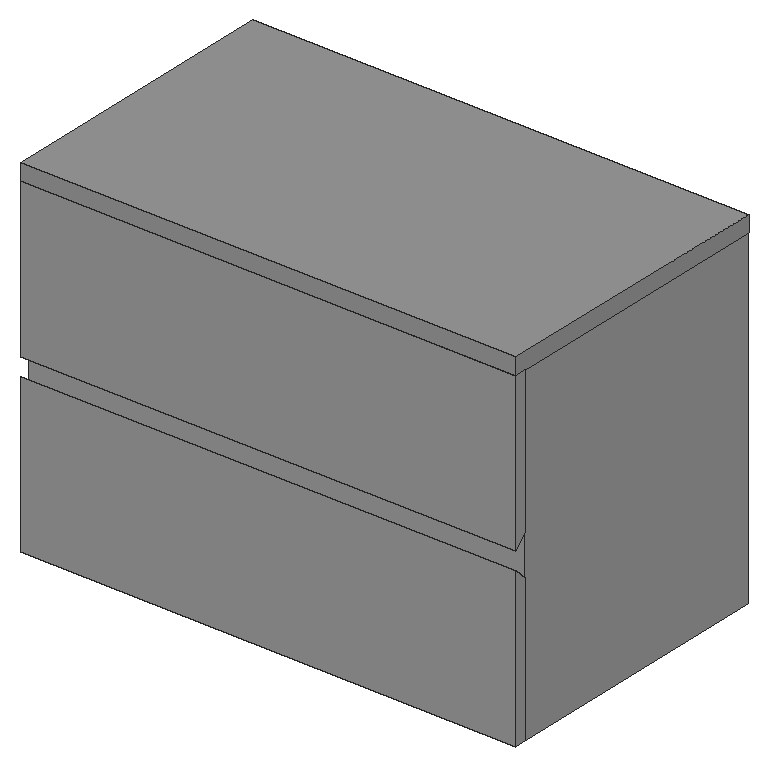
Revit family "MUEBLE RAIN KART OAK", category Furniture, Revit 2019
Family settings
  OmniClass Number = 23.40.20.00
  OmniClass Title = General Furniture and Specialties
  Work Plane-Based = No
  Always vertical = Yes
  Cut with Voids When Loaded = No
  Shared = No
  Room Calculation Point = No
Parameters
  MATERIAL MUEBLE = none
Reference planes
  plane 1 "Center (Front/Back)": y = 0
  plane 2: z = 0
  plane 3 "Center (Left/Right)": x = 0
Forms (mm)
  Extrusion 1, solid, material <- "MATERIAL MUEBLE"
    sketch origin (0, -262.5, 0) x (1, 0, 0) y (0, 1, 0)
      loop
        line (-447, 262.5) -> (-447, -242.5) -> (447, -242.5) -> (447, 262.5) -> (-447, 262.5)
    from 150 to 750
  Extrusion 2, solid, material <- "MATERIAL MUEBLE"
    sketch origin (0, -695.048, -452.548) x (0, -1, 0) y (0, 0, -1)
      loop
        line (-190.048, -1202.548) -> (-170.048, -1202.548) -> (-170.048, -919.048) -> (-190.048, -939.048) -> (-190.048, -1202.548)
    from -447 to 447
  Extrusion 3, solid, material <- "MATERIAL MUEBLE"
    sketch origin (0, -695.048, 1352.548) x (0, -1, 0) y (0, 0, -1)
      loop
        line (-190.048, 1202.548) -> (-190.048, 939.048) -> (-170.048, 919.048) -> (-170.048, 1202.548) -> (-190.048, 1202.548)
    from -447 to 447
  Extrusion 4, solid, material "Terrazzo"
    sketch origin (0, 0, 0) x (1, 0, 0) y (0, 1, 0)
      loop
        line (-447, 0) -> (-447, -525) -> (447, -525) -> (447, 0) -> (-447, 0)
    from 750 to 780
Dimensions and locks
  Extrusion 1 sketch curve to plane 1 "Center (Front/Back)" to Extrusion 1 sketch curve = 505 mm, 0 mm
  Extrusion 1 to Extrusion 1 to level = 600 mm locked, 150 mm locked
  aligned and locked: level to plane 2
  aligned and locked: Extrusion 1 to plane 1 "Center (Front/Back)"
